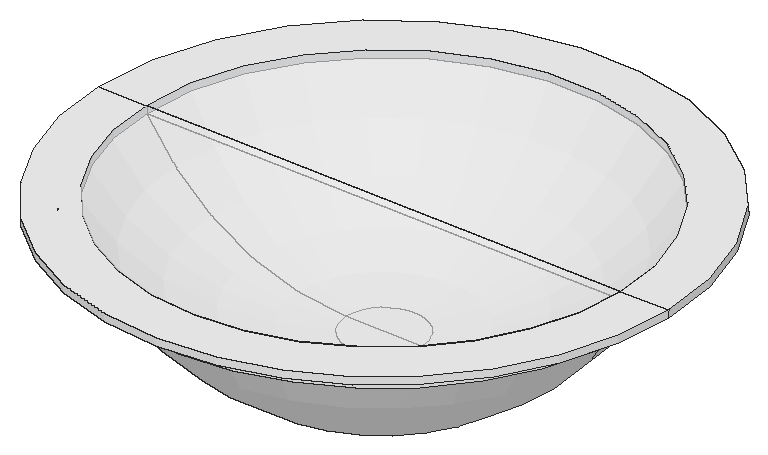
Revit family "0030347 Sylvania Lighting Fixture START Downlight 225 IP44 1-10V 2250Lm 840", category Lighting Fixtures, host Face, Revit 2016
Family settings
  Host = Face
  Part Type = Normal
  Round Connector Dimension = Use Diameter
  OmniClass Number = 23.80.70.00
  OmniClass Title = Lighting
  Cut with Voids When Loaded = No
  Light Source = Yes
  Shared = No
  Room Calculation Point = No
Parameters (values of type "0030347 ST DOWNLIGHT 225 IP44 1-10V 2250LM 840")
  Weight = "10.26 kg"
  Wattage Comments = ""
  Wattage = 23 W
  WarrantyStartDate [instance] = "n/a"
  WarrantyGuarantorParts = "n/a"
  WarrantyDurationUnit = "n/a"
  WarrantyDurationParts = "n/a"
  WarrantyDescription = "n/a"
  built-in parameter 1150110 = 1 (stored number, unit not read)
  Voltage = 230 V
  URL = "http://www.sylvania-lighting.com"
  TypeName = "START Downlight 225 IP44 1-10V 2250Lm 840"
  Type Image = <None>
  Type Comments = "n/a"
  built-in parameter 1114217 = 1 (stored number, unit not read)
  Tilt Angle = -90.00°
  built-in parameter 1150109 = 1 (stored number, unit not read)
  built-in parameter 1150134 = 12
  built-in parameter 1150113 = 1 (stored number, unit not read)
  SerialNumber [instance] = "n/a"
  S_SYL = no
  RadiusTop_SYL = if(S_SYL, 80 mm, if(M_SYL, 100 mm, if(L_SYL, 120 mm, 120 mm)))  # 120 mm
  Photometric Web File = "0030347.ies"
  Material_3_FEILO = Top-Sylvania-STARTDownlight
  PowerFactor = 0.9
  PowerConsumption = "23 W"
  NominalLength = 240 mm
  NominalHeight = 65 mm
  NominalDepth = 240 mm
  Name = "START Downlight 225 IP44 1-10V 2250Lm 840"
  ModelReference = Name  # "START Downlight 225 IP44 1-10V 2250Lm 840"
  ModelNumber = "0030347"
  Model = Name  # "START Downlight 225 IP44 1-10V 2250Lm 840"
  Material = "aluminium housing, polycarbonate diffuser"
  ManufacturerName = "Feilo Sylvania"
  Manufacturer = "Feilo Sylvania"
  M_SYL = no
  LuminousEfficacy = "101.2 lm/W"
  built-in parameter 1150105 = 1220.7 (stored number, unit not read)
  Lumens = 2329.07 lm
  LuminaireType = ""
  built-in parameter 1150115 = 1 (stored number, unit not read)
  LightOutputRatio = "100"
  built-in parameter 1150137 = (empty or 0)
  built-in parameter 1150139 = (empty or 0)
  LampsType = Lamp  # "LED"
  LampNominalLuminous = "2329 lm"
  LampMacAdamStep = "5"
  LampColourTemperature = "4000 K"
  LampColourRenderingIndex = "80"
  built-in parameter 1150112 = 1 (stored number, unit not read)
  built-in parameter 1150114 = 1 (stored number, unit not read)
  Lamp = "LED"
  L_SYL = no
  Keynote = "16500"
  InstallationDate [instance] = "n/a"
  InputVoltage = "220-240V~"
  InputNominalFrequency = "50/60 Hz"
  built-in parameter 1150132 = (empty or 0)
  built-in parameter 1150102 = (empty or 0)
  built-in parameter 1150107 = 4000 (stored number, unit not read)
  built-in parameter 1150138 = (empty or 0)
  IngressProtection = "IP20/44"
  ImpactProtectionIndex = "IK07"
  built-in parameter 1150106 = 12.207 (stored number, unit not read)
  IfcExportType = "IfcLightFixtureType"
  IfcExportAs = "IfcLightFixtureType"
  Height_SYL = if(S_SYL, 41 mm, if(M_SYL, 47 mm, if(L_SYL, 56 mm, 62 mm)))  # 62 mm
  ExpectedLife = 50000
  Emit from Circle Diameter = Diameter_SYL - 40 mm  # 200 mm
  Emit Shape Visible in Rendering = no
  ElectricShockClassification = "Class II"
  built-in parameter 1150104 = 9.4077 (stored number, unit not read)
  DurationUnit = "hours"
  DocumentationLiterature = "http://www.sylvania-lighting.com/product/en-int/products/0030347"
  DimmingControlOptions = "Dimmable"
  Material_2_FEILO = Diffuser-Sylvania-STARTDownlight
  Dimming Lamp Color Temperature Shift = <None>
  Diameter_SYL = if(S_SYL, 164 mm, if(M_SYL, 193 mm, if(L_SYL, 220 mm, 240 mm)))  # 240 mm
  DiameterTop_SYL = if(S_SYL, 77 mm, if(M_SYL, 81 mm, if(L_SYL, 104 mm, 105 mm)))  # 105 mm
  DiameterRecess_SYL = if(S_SYL, 141 mm, if(M_SYL, 169 mm, if(L_SYL, 198 mm, 216 mm)))  # 216 mm
  Description = ""
  Default Elevation = 1219.2 mm
  CreatedOn = "8/1/2018"
  CreatedBy = "@sylvania-lighting.com"
  Cost = 0
  Color Filter = 16777215
  built-in parameter 1114216 [instance] = (empty or 0)
  ClassificationValue = "EF_70_80"
  ClassificationName = "Uniclass2015"
  Material_1_FEILO = Trim-Sylvania-STARTDownlight-White
  BarCode [instance] = "n/a"
  built-in parameter 1114218 = 1 (stored number, unit not read)
  built-in parameter 1150133 = 10 (stored number, unit not read)
  AssetType = "Fixed"
  AssetIdentifier [instance] = "n/a"
  Assembly Code = "D5020200"
  Apparent Load = 23 VA
  Material_4_FEILO = LED-Sylvania-STARTDownlight
Reference planes
  plane 1 "Center (Front/Back)": y = 0
  plane 2: z = 0
  plane 3 "Center (Left/Right)": x = 0
  plane 4: x = 120
  plane 5: x = -120
  plane 6: z = 3
  plane 7: z = -8
  plane 8: z = -57
  plane 9: z = -59
  plane 10: x = -108
  plane 11: x = 108
  plane 12: x = -52.5
  plane 13: x = 52.5
  plane 14: x = -100
  plane 15: x = 100
  plane 16: z = -85
  plane 17: x = -100
  plane 18: z = 2
  plane 19: z = -47
  plane 20: x = -16
Forms (mm)
  Revolve 1, solid
    sketch origin (0, 0, 0) x (1, 0, 0) y (0, 0, 1)
      loop
        line (-120, 3) -> (-120, 0) -> (-108, 0) -> (-108, -8) -> (-100, -8)
        arc (-100, -8) -> (-79.807, -35.948) -> (-52.5, -57) r 120
        line (-52.5, -57) -> (0, -57) -> (0, -47) -> (-16, -47)
        arc (-16, -47) -> (-64.127, -34.451) -> (-100, 0) r 98.564
        line (-100, 0) -> (-100, 3) -> (-120, 3)
      axis (0, 3) -> (0, -57)
    angle from 360 to 0
  Revolve 2, void
    sketch origin (0, 0, 0) x (1, 0, 0) y (0, 0, 1)
      loop
        line (0, 0) -> (-108, 0) -> (-108, -85) -> (0, -85) -> (0, 0)
      axis (0, 0) -> (0, -85)
    angle from 360 to 0
  Revolve 3, solid, material "Diffuser-Sylvania-STARTDownlight" <- "Material_2_FEILO"
    sketch origin (0, 0, 0) x (1, 0, 0) y (0, 0, 1)
      loop
        line (-100, 3) -> (-100, 0) -> (0, 0) -> (0, 3) -> (-100, 3)
      axis (0, 3) -> (0, 0)
    angle from 360 to 0
Dimensions and locks
  equal spacing: plane 4, plane 3 "Center (Left/Right)", plane 5
  "Diameter_SYL": plane 4 to plane 5
  equal spacing: plane 11, plane 3 "Center (Left/Right)", plane 10
  equal spacing: plane 13, plane 3 "Center (Left/Right)", plane 12
  "DiameterTop_SYL": plane 13 to plane 12
  equal spacing: plane 15, plane 3 "Center (Left/Right)", plane 14
  locked: plane 6 to plane 2 at 3
  "Height_SYL": plane 6 to plane 9
  locked: plane 8 to plane 9 at 2
  locked: plane 2 to plane 7 at 8
  locked: plane 2 to plane 16 at 85
  locked: plane 17 to plane 5 at 20
  locked: plane 6 to plane 18 at 1
  "DiameterRecess_SYL": plane 11 to plane 10
  locked: plane 19 to plane 8 at 10
  locked: plane 3 "Center (Left/Right)" to plane 20 at 16
  locked: plane 14 to plane 5 at 20
  "RadiusTop_SYL": radius of Revolve 1 sketch curve
  aligned and locked: plane 2 to host face
  aligned and locked: level to host face
  aligned and locked: Revolve 1 sketch curve to plane 5
  aligned and locked: Revolve 1 sketch curve to level
  aligned and locked: plane 7 to Revolve 1 sketch curve
  aligned and locked: Revolve 1 sketch curve to plane 10
  aligned and locked: plane 14 to Revolve 1 sketch curve
  aligned and locked: plane 3 "Center (Left/Right)" to Revolve 1 sketch curve
  aligned and locked: Revolve 1 sketch curve to plane 8
  aligned and locked: Revolve 1 sketch curve to plane 3 "Center (Left/Right)"
  aligned and locked: Revolve 2 sketch curve to plane 3 "Center (Left/Right)"
  aligned and locked: plane 3 "Center (Left/Right)" to Revolve 2 sketch curve
  aligned and locked: Revolve 2 sketch curve to plane 10
  aligned and locked: plane 16 to Revolve 2 sketch curve
  aligned and locked: Revolve 1 sketch curve to plane 6
  aligned and locked: plane 19 to Revolve 1 sketch curve
  aligned and locked: plane 20 to Revolve 1 sketch curve
  aligned and locked: Revolve 1 sketch curve to Revolve 1 sketch curve
  aligned and locked: plane 17 to Revolve 1 sketch curve
  aligned and locked: plane 2 to Revolve 1 sketch curve
  aligned and locked: Revolve 3 sketch curve to plane 3 "Center (Left/Right)"  (x2)
  aligned and locked: plane 3 "Center (Left/Right)" to imposter light
  aligned and locked: imposter light to plane 18
  aligned and locked: imposter light to plane 1 "Center (Front/Back)"
  aligned and locked: plane 14 to Revolve 3 sketch curve
Automatic sketch dimensions
  host sketch curve to host sketch curve = 2438.4 mm  (x2)
  plane 16 to Revolve 2 sketch curve = 524.6 mm
  Revolve 2 sketch curve to plane 6 = 2606.058 mm
  Revolve 1 sketch curve to plane 12 = 0 mm
  plane 16 to Revolve 1 sketch curve = 524.6 mm
  Revolve 1 sketch curve to Revolve 1 sketch curve = 2581.366 mm
  Revolve 2 sketch curve to level = 0 mm
  Revolve 3 sketch curve to plane 6 = 0 mm
  Revolve 3 sketch curve to level = 0 mm
  plane 16 to Revolve 3 sketch curve = 524.6 mm
  Revolve 3 sketch curve to Revolve 3 sketch curve = 2606.058 mm
Connectors
  electrical at (0, 0, 0), driven by "Apparent Load", driven by "PowerFactor", driven by "Voltage"
    settings: index 1, voltage 230 V, apparent load 23 VA, apparent load phase1 0 VA, apparent load phase2 0 VA, apparent load phase3 0 VA, power factor 0.9, load classification "Lighting", number of poles 1, system type 30, power factor state 1, is connector primary yes, connector utility no, sub classification motor no, connector description ""
